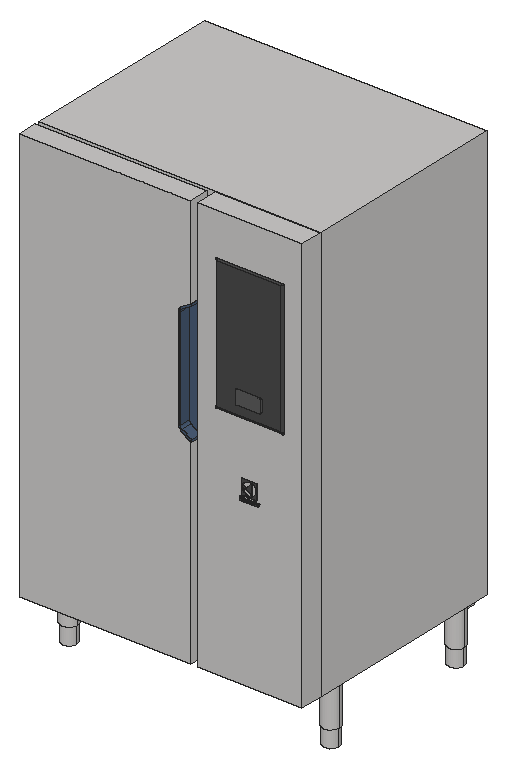
Revit family "QF_ELECTROLUXPROFESSIONAL_727743_EBFA21RE", category Specialty Equipment, Revit 2018
Family settings
  Round Connector Dimension = Use Diameter
  Part Type = Normal
  Work Plane-Based = No
  Always vertical = Yes
  Cut with Voids When Loaded = No
  Shared = No
  Room Calculation Point = No
Parameters
  Weight = 0.00 kg
  Watts = 0 W
  Volts = 380 V
  URL Manufacturer = "http://professional.electrolux.com"
  URL = "http://professional.electrolux.com"
  Steam Supply Size = 0 mm
  Steam Supply Minimum Pressure = 0.0 Pa
  Steam Supply Maximum Pressure = 0.0 Pa
  Steam Pounds per Hour = 0
  Show Logo [instance] = yes
  Show Clearance [instance] = yes
  Refrigeration Suction Line Size = 0 mm
  Refrigeration Liquid Line Size = 0 mm
  Refrigerant Compressor Remote = yes
  Manufacturer = "Electrolux"
  Phase = 3
  Model = "EBFA21RE"
  Length Actual = 1040 mm  # constant formula
  Item Number = "727743"
  Hot Water Size = 0 mm
  Height Actual = 1741 mm  # constant formula
  HP = "4 HP"
  Gas Size = 0 mm
  Gas KW = 0
  Gas Input Pressure = 0 W
  Direct Waste Size = 12.7 mm
  Description = "SKYLINE CHILLS BLAST CHILLER FREEZER 100/85KG 20 GN 1/1 - REMOTE REFRIGERATING UNIT"
  Depth Actual = 850 mm  # constant formula
  Cycle = 60 Hz
  Condensate Return Size = 0 mm
  Compressed Air Volume = 0.0 L/s
  Compressed Air Size = 0 mm
  Compressed Air Pressure = 0.0 Pa
  Cold Water Size = 0 mm
  Accessory = yes
Reference planes
  plane 1 "Center X": y = 129.851
  plane 2: z = 0
  plane 3 "Center Y": x = -384
  plane 4 "LEFT": x = -904
  plane 5 "BACK": y = 554.851
  plane 6 "RIGHT": x = 136
  plane 7 "FRONT": y = -295.149
  plane 8 "TOP": z = 1741
  plane 9: x = -866.5
  plane 10: y = 478.851
  plane 11: x = 98.5
  plane 12: y = -115.149
  plane 13: y = 616.851
  plane 14: y = -880.149
  plane 15: z = 210
  plane 16: x = -852
  plane 17: x = 84
  plane 18: z = 1174
Forms (mm)
  Extrusion 1, solid, material "QF_Finishes_Stainless Steel"
    sketch origin (0, 0, 1741) x (-1, 0, 0) y (0, -1, 0)
      loop
        line (904, -554.851) -> (904, 210.149) -> (-136, 210.149) -> (-136, -554.851) -> (904, -554.851)
    from 0 to -1531
  Extrusion 2, solid, material "QF_Finishes_Stainless Steel"
    sketch origin (-904, -0.954, 258.709) x (0, 1, 0) y (0, 0, 1)
      loop
        line (617.805, -10.759) -> (555.805, -10.759) -> (555.805, -142.72) -> (617.805, -142.72) -> (617.805, -10.759)
    from 572 to 941.96
  Extrusion 3, solid, material "QF_Finishes_Stainless Steel"
    sketch origin (-199.727, 554.851, 2076) x (1, 0, 0) y (0, 0, -1)
      loop
        circle (230.727, 1616) r 10.5
      loop
        circle (230.727, 1686) r 8
      loop
        circle (230.727, 1701) r 4.75
    from 0 to 90
  Extrusion 4, solid, material "QF_Finishes_Stainless Steel"
    sketch origin (0, 0, 210) x (0, -1, 0) y (-1, 0, 0)
      loop
        circle (-176.851, 270.5) r 9.5
    from 0 to 31.68
  Extrusion 5, solid, material "QF_Finishes_Stainless Steel"
    sketch origin (-642.679, -295.149, 0) x (1, 0, 0) y (0, 0, -1)
      loop
        line (369.7, -1741) -> (369.7, -1401.365) -> (333.447, -1377.283)
        arc (333.447, -1377.283) -> (327.216, -1370.436) -> (324.96, -1361.456) r 19
        line (324.96, -1361.456) -> (324.96, -986.544)
        arc (324.96, -986.544) -> (327.339, -977.083) -> (333.91, -969.873) r 20
        line (333.91, -969.873) -> (369.7, -946.15) -> (369.7, -210) -> (-261.321, -210) -> (-261.321, -1741) -> (369.7, -1741)
    from 0 to 70
  Extrusion 6, solid, material "QF_Finishes_Stainless Steel"
    sketch origin (-623, 0, 1060.038) x (1, 0, 0) y (0, 1, 0)
      loop
        line (759, -295.149) -> (759, -211.149) -> (372.993, -211.149) -> (372.993, -295.149) -> (759, -295.149)
    from 680.962 to -850.038
  Extrusion 7, solid, material "QF_Door-Drawer Clearances", visible <- "Show Clearance", detail levels coarse
    sketch origin (-623, 0, 1060.038) x (1, 0, 0) y (0, 1, 0)
      loop
        line (-246, -295.149) -> (-246, -877.649)
        arc (-246, -877.649) -> (165.972, -703.005) -> (350.021, -295.149) r 614
        line (350.021, -295.149) -> (-246, -295.149)
    from -850.038 to 680.962
  Extrusion 8, solid, material "QF_Finishes_Stainless Steel"
    sketch origin (-651.679, -235.149, 422.467) x (1, 0, 0) y (0, 0, -1)
      loop
        line (333.96, -564.076) -> (333.96, -938.989)
        arc (333.96, -938.989) -> (336.216, -947.969) -> (342.447, -954.816) r 19
        line (342.447, -954.816) -> (378.7, -978.898) -> (378.7, -523.683) -> (342.91, -547.406)
        arc (342.91, -547.406) -> (336.339, -554.616) -> (333.96, -564.076) r 20
    from -21 to 10
  Extrusion 9, solid, material "QF_Finishes_Electrolux_Blue"
    sketch origin (-651.679, -295.149, 422.467) x (-1, 0, 0) y (0, 0, -1)
      loop
        line (-378.7, -978.898) -> (-342.447, -954.816)
        arc (-342.447, -954.816) -> (-336.216, -947.969) -> (-333.96, -938.989) r 19
        line (-333.96, -938.989) -> (-333.96, -564.076)
        arc (-333.96, -564.076) -> (-336.339, -554.616) -> (-342.91, -547.406) r 20
        line (-342.91, -547.406) -> (-378.7, -523.683) -> (-381.2, -523.683) -> (-381.2, -529.824) -> (-346.501, -552.824)
        arc (-346.501, -552.824) -> (-342.066, -557.691) -> (-340.46, -564.076) r 13.5
        line (-340.46, -564.076) -> (-340.46, -938.989)
        arc (-340.46, -938.989) -> (-341.944, -944.897) -> (-346.043, -949.401) r 12.5
        line (-346.043, -949.401) -> (-381.2, -972.755) -> (-381.2, -978.898) -> (-378.7, -978.898)
    from -39 to 1
  Extrusion 10, void
    sketch origin (-904, -210.149, 1741) x (-1, 0, 0) y (0, 0, 1)
      loop
        line (-600.7, -65.802) -> (-600.7, -1517.802) -> (-46.5, -1517.802) -> (-46.5, -65.802) -> (-600.7, -65.802)
    from 0 to 704
  Extrusion 11, solid, material "QF_Door-Drawer Clearances", visible <- "Show Clearance", detail levels coarse
    sketch origin (-939, -461.949, 0) x (0, -1, 0) y (0, 0, -1)
      loop
        line (415.7, -1741) -> (415.7, -1401.365) -> (379.447, -1377.283)
        arc (379.447, -1377.283) -> (373.216, -1370.436) -> (370.96, -1361.456) r 19
        line (370.96, -1361.456) -> (370.96, -986.544)
        arc (370.96, -986.544) -> (373.339, -977.083) -> (379.91, -969.873) r 20
        line (379.91, -969.873) -> (415.7, -946.15) -> (415.7, -210) -> (-166.8, -210) -> (-166.8, -1741) -> (415.7, -1741)
    from 0 to 70
  Extrusion 12, solid, material "QF_Door-Drawer Clearances", visible <- "Show Clearance", detail levels coarse
    sketch origin (-879, -452.949, 422.467) x (0, -1, 0) y (0, 0, -1)
      loop
        line (379.96, -564.076) -> (379.96, -938.989)
        arc (379.96, -938.989) -> (382.216, -947.969) -> (388.447, -954.816) r 19
        line (388.447, -954.816) -> (424.7, -978.898) -> (424.7, -523.683) -> (388.91, -547.406)
        arc (388.91, -547.406) -> (382.339, -554.616) -> (379.96, -564.076) r 20
    from -21 to 10
  Extrusion 13, solid, material "QF_Door-Drawer Clearances", visible <- "Show Clearance", detail levels coarse
    sketch origin (-939, -452.949, 422.467) x (0, 1, 0) y (0, 0, -1)
      loop
        line (-424.7, -978.898) -> (-388.447, -954.816)
        arc (-388.447, -954.816) -> (-382.216, -947.969) -> (-379.96, -938.989) r 19
        line (-379.96, -938.989) -> (-379.96, -564.076)
        arc (-379.96, -564.076) -> (-382.339, -554.616) -> (-388.91, -547.406) r 20
        line (-388.91, -547.406) -> (-424.7, -523.683) -> (-427.2, -523.683) -> (-427.2, -529.824) -> (-392.501, -552.824)
        arc (-392.501, -552.824) -> (-388.066, -557.691) -> (-386.46, -564.076) r 13.5
        line (-386.46, -564.076) -> (-386.46, -938.989)
        arc (-386.46, -938.989) -> (-387.944, -944.897) -> (-392.043, -949.401) r 12.5
        line (-392.043, -949.401) -> (-427.2, -972.755) -> (-427.2, -978.898) -> (-424.7, -978.898)
    from -39 to 1
  Extrusion 14, solid, material "QF_Clearance", visible <- "Show Clearance", detail levels coarse
    sketch origin (-904, 909.851, 0) x (1, 0, 0) y (0, 1, 0)
      loop
        line (0, -1205) -> (0, -355) -> (1040, -355) -> (1040, -1205) -> (1140, -1205) -> (1140, -255) -> (-100, -255) -> (-100, -1205) -> (0, -1205)
    from 0 to 1841
  Extrusion 15, solid, material "QF_Clearance", visible <- "Show Clearance", detail levels coarse
    sketch origin (-1150.39, -1542.9, 1741) x (-1, 0, 0) y (0, -1, 0)
      loop
        line (-246.39, -1247.751) -> (-1286.39, -1247.751) -> (-1286.39, -2097.751) -> (-246.39, -2097.751) -> (-246.39, -1247.751)
    from 0 to 100
Cuts and joins
  Extrusion 10 cuts Extrusion 1
  Extrusion 10 cuts Extrusion 2
  Extrusion 10 cuts Extrusion 3
  Extrusion 10 cuts Extrusion 4
  joined: Extrusion 1, Extrusion 2, Extrusion 3, Extrusion 4
  joined: Extrusion 5, Extrusion 8
  joined: Extrusion 7, Extrusion 11, Extrusion 12, Extrusion 13
  joined: Extrusion 14, Extrusion 15
Lines and regions (mm)
  symbolic lines
    curve 1: line (-904, 554.851, 1741) -> (136, 554.851, 1741)
    curve 2: line (-904, -210.149, 1741) -> (-904, 554.851, 1741)
    curve 3: line (136, -295.149, 1741) -> (-250.007, -295.149, 1741)
    curve 4: line (136, 554.851, 1741) -> (136, -295.149, 1741)
    curve 5: line (61.997, -300.149, 1741) -> (-176.003, -300.149, 1741)
    curve 6: line (-176.003, -300.149, 1741) -> (-184.003, -295.149, 1741)
    curve 7: line (61.997, -300.149, 1741) -> (69.997, -295.149, 1741)
    curve 12: line (-250.007, -295.149, 0) -> (-250.007, -210.149, 0)
    curve 13: line (-250.007, -210.149, 0) -> (-904, -210.149, 0)
    curve 14: line (-904, -225.149, 0) -> (-272.979, -225.149, 0)
    curve 15: line (-904, -295.149, 0) -> (-904, -225.149, 0)
    curve 16: line (-272.979, -295.149, 0) -> (-904, -295.149, 0)
    curve 17: line (-272.979, -225.149, 0) -> (-272.979, -295.149, 0)
    curve 18: line (-317.719, -296.149, 0) -> (-270.479, -296.149, 0)
    curve 19: line (-270.479, -296.149, 0) -> (-270.479, -256.149, 0)
    curve 20: line (-270.479, -256.149, 0) -> (-272.979, -256.149, 0)
    curve 21: line (-317.719, -296.149, 0) -> (-317.719, -295.149, 0)
    curve 26: line (20.5, 644.851, 0) -> (41.5, 644.851, 0)
    curve 27: line (41.5, 644.851, 0) -> (41.5, 554.851, 0)
    curve 28: line (20.5, 644.851, 0) -> (20.5, 554.851, 0)
    curve 29: line (20.5, 616.851, 0) -> (-332, 616.851, 0)
    curve 30: line (-332, 616.851, 0) -> (-332, 554.851, 0)
  symbolic lines, style "QF_Door-Drawer Clearances", visible <- "Show Clearance"
    curve 8: arc (-272.979, -295.149, 1741) -> (-457.028, -703.005, 1741) -> (-869, -877.649, 1741) r 614
    curve 9: line (-939, -877.649, 1741) -> (-939, -295.149, 1741)
    curve 10: line (-869, -877.649, 1741) -> (-939, -877.649, 1741)
    curve 11: line (-869, -877.649, 1741) -> (-869, -295.149, 1741)
  symbolic lines, style "QF_Door-Drawer Clearances"
    curve 22: line (-869, -877.649, 0) -> (-939, -877.649, 0)
  symbolic lines, style "QF_Clearances", visible <- "Show Clearance", detail levels coarse
    curve 23: line (-1004, 654.851, 0) -> (-1004, -295.149, 0)
    curve 24: line (236, 654.851, 0) -> (-1004, 654.851, 0)
    curve 25: line (236, -295.149, 0) -> (236, 654.851, 0)
Dimensions and locks
  equal spacing: plane 4 "LEFT", plane 3 "Center Y", plane 6 "RIGHT"
  plane 4 "LEFT" to plane 6 "RIGHT" = 1040 mm
  plane 5 "BACK" to plane 7 "FRONT" = 850 mm
  equal spacing: plane 5 "BACK", plane 1 "Center X", plane 7 "FRONT"
  plane 15 to Extrusion 3 sketch curve = 250 mm
  plane 5 "BACK" to Extrusion 4 sketch curve = 378 mm
  plane 4 "LEFT" to Extrusion 4 sketch curve = 633.5 mm
  plane 6 "RIGHT" to Extrusion 3 sketch curve = 105 mm
  plane 8 "TOP" to level = 1741 mm
  Extrusion 3 sketch curve to Extrusion 6 = 165 mm
  Extrusion 3 sketch curve to Extrusion 6 = 180 mm
  aligned and locked: level to plane 2
  aligned and locked: plane 11 to nested 2
  aligned and locked: plane 9 to nested 1
  aligned and locked: nested 1 to plane 12
  aligned and locked: nested 2 to plane 12
  aligned and locked: Extrusion 9 to Extrusion 8
  aligned and locked: nested 4 to plane 10
  aligned and locked: nested 3 to plane 10
  aligned and locked: Extrusion 13 to Extrusion 12
Automatic sketch dimensions
  Extrusion 5 sketch curve to plane 4 "LEFT" = 0 mm
  Extrusion 5 sketch curve to plane 15 = 0 mm
  Extrusion 5 sketch curve to plane 8 "TOP" = 0 mm
  plane 3 "Center Y" to Extrusion 5 sketch curve = 66.281 mm
  Extrusion 5 sketch curve to Extrusion 5 sketch curve = 8.487 mm
  Extrusion 5 sketch curve to Extrusion 5 sketch curve = 8.95 mm
  Extrusion 5 sketch curve to Extrusion 5 sketch curve = 19 mm
  Extrusion 5 sketch curve to Extrusion 5 sketch curve = 11.05 mm
  Extrusion 5 sketch curve to Extrusion 5 sketch curve = 35.79 mm
  Extrusion 5 sketch curve to Extrusion 5 sketch curve = 36.253 mm
  plane 18 to Extrusion 5 sketch curve = 227.365 mm
  Extrusion 5 sketch curve to Extrusion 5 sketch curve = 24.082 mm
  Extrusion 5 sketch curve to plane 18 = 187.456 mm
  Extrusion 5 sketch curve to Extrusion 5 sketch curve = 23.723 mm
  plane 3 "Center Y" to Extrusion 8 sketch curve = 66.281 mm
  Extrusion 8 sketch curve to Extrusion 8 sketch curve = 8.487 mm
  Extrusion 8 sketch curve to Extrusion 8 sketch curve = 8.95 mm
  Extrusion 8 sketch curve to Extrusion 8 sketch curve = 10.513 mm
  Extrusion 8 sketch curve to Extrusion 8 sketch curve = 11.05 mm
  plane 18 to Extrusion 8 sketch curve = 203.283 mm
  Extrusion 8 sketch curve to plane 18 = 187.456 mm
  Extrusion 8 sketch curve to Extrusion 8 sketch curve = 36.253 mm
  Extrusion 8 sketch curve to Extrusion 8 sketch curve = 35.79 mm
  Extrusion 8 sketch curve to Extrusion 8 sketch curve = 0 mm  (x3)
  Extrusion 8 sketch curve to Extrusion 8 sketch curve = 24.082 mm
  Extrusion 8 sketch curve to Extrusion 8 sketch curve = 23.723 mm
  Extrusion 9 sketch curve to Extrusion 9 sketch curve = 0 mm  (x4)
  plane 3 "Center Y" to Extrusion 9 sketch curve = 113.521 mm  (x2)
  Extrusion 9 sketch curve to Extrusion 9 sketch curve = 2.5 mm  (x2)
  Extrusion 9 sketch curve to Extrusion 9 sketch curve = 27.24 mm
  Extrusion 9 sketch curve to Extrusion 9 sketch curve = 28.24 mm
  Extrusion 9 sketch curve to Extrusion 9 sketch curve = 7.459 mm
  Extrusion 9 sketch curve to Extrusion 9 sketch curve = 6.917 mm
  Extrusion 9 sketch curve to Extrusion 9 sketch curve = 3.591 mm
  Extrusion 9 sketch curve to Extrusion 9 sketch curve = 3.597 mm
  Extrusion 9 sketch curve to Extrusion 9 sketch curve = 5.583 mm
  Extrusion 9 sketch curve to Extrusion 9 sketch curve = 6.5 mm
  plane 18 to Extrusion 9 sketch curve = 227.365 mm
  Extrusion 9 sketch curve to Extrusion 9 sketch curve = 6.143 mm
  Extrusion 9 sketch curve to Extrusion 9 sketch curve = 17.939 mm
  Extrusion 9 sketch curve to plane 18 = 187.456 mm
  Extrusion 9 sketch curve to Extrusion 9 sketch curve = 23 mm
  Extrusion 9 sketch curve to Extrusion 9 sketch curve = 6.141 mm
  Extrusion 10 sketch curve to Extrusion 1 = 13.198 mm
  Extrusion 1 to Extrusion 10 sketch curve = 439.3 mm
  Extrusion 10 sketch curve to Extrusion 1 = 46.5 mm
  Extrusion 10 sketch curve to Extrusion 1 = 65.802 mm
  Extrusion 11 sketch curve to plane 8 "TOP" = 0 mm
  Extrusion 11 sketch curve to plane 15 = 0 mm
  plane 7 "FRONT" to Extrusion 11 sketch curve = 0 mm
  plane 14 to Extrusion 11 sketch curve = 47.24 mm
  plane 18 to Extrusion 11 sketch curve = 203.283 mm
  Extrusion 11 sketch curve to Extrusion 11 sketch curve = 8.487 mm
  Extrusion 11 sketch curve to plane 18 = 204.127 mm
  Extrusion 11 sketch curve to Extrusion 11 sketch curve = 8.95 mm
  Extrusion 11 sketch curve to Extrusion 11 sketch curve = 19 mm
  Extrusion 11 sketch curve to Extrusion 11 sketch curve = 11.05 mm
  Extrusion 11 sketch curve to Extrusion 11 sketch curve = 35.79 mm
  Extrusion 11 sketch curve to Extrusion 11 sketch curve = 36.253 mm
  Extrusion 11 sketch curve to Extrusion 11 sketch curve = 24.082 mm
  Extrusion 11 sketch curve to Extrusion 11 sketch curve = 23.723 mm
  plane 14 to Extrusion 12 sketch curve = 47.24 mm
  Extrusion 12 sketch curve to Extrusion 12 sketch curve = 8.487 mm
  Extrusion 12 sketch curve to Extrusion 12 sketch curve = 8.95 mm
  Extrusion 12 sketch curve to Extrusion 12 sketch curve = 19 mm
  Extrusion 12 sketch curve to Extrusion 12 sketch curve = 11.05 mm
  plane 18 to Extrusion 12 sketch curve = 203.283 mm
  Extrusion 12 sketch curve to plane 18 = 187.456 mm
  Extrusion 12 sketch curve to Extrusion 12 sketch curve = 36.253 mm
  Extrusion 12 sketch curve to Extrusion 12 sketch curve = 35.79 mm
  Extrusion 12 sketch curve to Extrusion 12 sketch curve = 0 mm  (x3)
  Extrusion 12 sketch curve to Extrusion 12 sketch curve = 24.082 mm
  Extrusion 12 sketch curve to Extrusion 12 sketch curve = 23.723 mm
  Extrusion 13 sketch curve to Extrusion 13 sketch curve = 0 mm  (x4)
  Extrusion 13 sketch curve to plane 14 = 0 mm  (x2)
  Extrusion 13 sketch curve to Extrusion 13 sketch curve = 2.5 mm  (x2)
  Extrusion 13 sketch curve to Extrusion 13 sketch curve = 27.24 mm
  Extrusion 13 sketch curve to Extrusion 13 sketch curve = 28.24 mm
  Extrusion 13 sketch curve to Extrusion 13 sketch curve = 7.459 mm
  Extrusion 13 sketch curve to Extrusion 13 sketch curve = 6.917 mm
  Extrusion 13 sketch curve to Extrusion 13 sketch curve = 3.591 mm
  Extrusion 13 sketch curve to Extrusion 13 sketch curve = 3.597 mm
  Extrusion 13 sketch curve to Extrusion 13 sketch curve = 5.583 mm
  Extrusion 13 sketch curve to Extrusion 13 sketch curve = 6.5 mm
  plane 18 to Extrusion 13 sketch curve = 227.365 mm
  Extrusion 13 sketch curve to Extrusion 13 sketch curve = 6.143 mm
  Extrusion 13 sketch curve to Extrusion 13 sketch curve = 17.939 mm
  Extrusion 13 sketch curve to plane 18 = 187.456 mm
  Extrusion 13 sketch curve to Extrusion 13 sketch curve = 23 mm
  Extrusion 13 sketch curve to Extrusion 13 sketch curve = 6.141 mm
  Extrusion 7 sketch curve to plane 7 "FRONT" = 0 mm
  plane 4 "LEFT" to Extrusion 7 sketch curve = 17.818 mm
  Extrusion 7 sketch curve to plane 9 = 2.5 mm
  plane 3 "Center Y" to Extrusion 7 sketch curve = 111.021 mm
  plane 14 to Extrusion 7 sketch curve = 2.5 mm
  Extrusion 1 sketch curve to plane 5 "BACK" = 0 mm
  Extrusion 1 sketch curve to plane 6 "RIGHT" = 0 mm
  Extrusion 1 sketch curve to plane 4 "LEFT" = 0 mm
  plane 7 "FRONT" to Extrusion 1 sketch curve = 85 mm
  Extrusion 6 sketch curve to plane 7 "FRONT" = 0 mm
  Extrusion 6 sketch curve to plane 6 "RIGHT" = 0 mm
  plane 3 "Center Y" to Extrusion 6 sketch curve = 133.993 mm
  Extrusion 6 sketch curve to Extrusion 6 sketch curve = 84 mm
  Extrusion 2 sketch curve to plane 5 "BACK" = 0 mm
  Extrusion 2 sketch curve to plane 13 = 0 mm
  Extrusion 2 sketch curve to plane 15 = 94.012 mm
  plane 15 to Extrusion 2 sketch curve = 37.95 mm
  Extrusion 3 sketch curve to Extrusion 3 sketch curve = 0 mm  (x2)
  Extrusion 14 sketch curve to plane 7 "FRONT" = 0 mm  (x2)
  Extrusion 14 sketch curve to plane 6 "RIGHT" = 1140 mm
  Extrusion 14 sketch curve to Extrusion 14 sketch curve = 100 mm  (x3)
  Extrusion 14 sketch curve to plane 13 = 62 mm
  Extrusion 14 sketch curve to Extrusion 14 sketch curve = 1040 mm
  Extrusion 15 sketch curve to plane 6 "RIGHT" = 0 mm
  Extrusion 15 sketch curve to plane 4 "LEFT" = 0 mm
  Extrusion 15 sketch curve to plane 5 "BACK" = 0 mm
  Extrusion 15 sketch curve to plane 7 "FRONT" = 0 mm
  curve 23 to plane 7 "FRONT" = 0 mm
  curve 15 to plane 4 "LEFT" = 0 mm
  curve 13 to plane 4 "LEFT" = 0 mm
  curve 30 to plane 5 "BACK" = 0 mm
  curve 29 to plane 13 = 0 mm
  curve 21 to plane 7 "FRONT" = 0 mm
  curve 12 to plane 7 "FRONT" = 0 mm
  curve 28 to plane 5 "BACK" = 0 mm
  curve 27 to plane 5 "BACK" = 0 mm
  curve 25 to plane 7 "FRONT" = 0 mm
  plane 13 to curve 24 = 38 mm
  curve 24 to plane 4 "LEFT" = 100 mm
  curve 18 to plane 7 "FRONT" = 1 mm
  plane 3 "Center Y" to curve 18 = 66.281 mm
  curve 21 to curve 17 = 44.74 mm
  curve 16 to curve 19 = 2.5 mm
  curve 14 to curve 12 = 22.972 mm
  plane 13 to curve 26 = 28 mm
  curve 26 to plane 17 = 63.5 mm
  curve 26 to curve 27 = 21 mm
  plane 6 "RIGHT" to curve 24 = 100 mm
  plane 7 "FRONT" to curve 19 = 39 mm
  plane 7 "FRONT" to curve 15 = 70 mm
  curve 14 to curve 12 = 15 mm
  plane 14 to curve 22 = 2.5 mm
  curve 22 to plane 4 "LEFT" = 35 mm
  curve 22 to plane 9 = 2.5 mm
  plane 3 "Center Y" to curve 30 = 52 mm
  curve 1 to plane 5 "BACK" = 0 mm
  curve 1 to plane 6 "RIGHT" = 0 mm
  curve 7 to plane 7 "FRONT" = 0 mm
  curve 8 to plane 7 "FRONT" = 0 mm
  curve 11 to plane 7 "FRONT" = 0 mm
  curve 2 to plane 4 "LEFT" = 0 mm
  curve 9 to plane 7 "FRONT" = 0 mm
  curve 7 to plane 7 "FRONT" = 5 mm
  curve 7 to plane 17 = 22.003 mm
  plane 3 "Center Y" to curve 6 = 207.997 mm
  curve 11 to plane 9 = 2.5 mm
  plane 4 "LEFT" to curve 8 = 17.818 mm
  plane 14 to curve 10 = 2.5 mm
  curve 10 to plane 4 "LEFT" = 35 mm
  plane 7 "FRONT" to curve 8 = 31.26 mm
  curve 7 to curve 5 = 8 mm
  curve 5 to curve 6 = 8 mm
  curve 3 to curve 8 = 22.972 mm
  curve 2 to curve 8 = 53.74 mm
  radius of Extrusion 4 sketch curve = 9.5 mm
  radius of Extrusion 3 sketch curve = 10.5 mm
  radius of Extrusion 3 sketch curve = 8 mm
  radius of Extrusion 3 sketch curve = 4.75 mm
Nested families
  nested 1: "Foot_Complete" at (-866.5, -115.149, 0), type "Foot_Complete"
    with H 210 mm
  nested 2: "Foot_Complete" at (98.5, -115.149, 0), type "Foot_Complete"
    with H 210 mm
  nested 3: "Foot_Complete" at (84, 478.851, 0), type "Foot_Complete"
    with H 210 mm
  nested 4: "Foot_Complete" at (-852, 478.851, 0), type "Foot_Complete"
    with H 210 mm
  nested 5: "ELX_Touch" at (-57.003, -295.149, 1337) x (-1, 0, 0) z (0, -1, 0), type "ELX_Touch"
  nested 6: "ELX_Logo_S_New" at (-57.003, -295.149, 824) x (1, 0, 0) z (0, -1, 0), visible <- "Show Logo", type "ELX_Logo_S_New"
    with M QF_Finishes_Black
  nested 7: "ELX_Logo_Symbol" at (-57.003, -295.149, 864) x (-1, 0, 0) z (0, -1, 0), visible <- "Show Logo", type "ELX_Logo_Symbol"
    with M QF_Finishes_Black
Connectors
  electrical at (31, 644.851, 460), driven by "Volts"
    settings: on Extrusion 3, index 5, voltage 380 V, apparent load 0 VA, apparent load phase1 0 VA, apparent load phase2 0 VA, apparent load phase3 0 VA, power factor 1, load classification "Altro", number of poles 1, system type 30, power factor state 1, is connector primary yes, connector utility no, sub classification motor no, connector description "Electrical Connection"
  piping at (-270.5, 176.851, 178.32), diameter 19
    settings: on cut or joined group of Extrusion 1, Extrusion 2, Extrusion 3, Extrusion 4, Extrusion 10, index 6, connector inside diameter 609.6 mm, connector length 0 mm, flow factor 0, pipe flow 0.0 L/s, pressure drop 0.0 Pa, fitting loss kfactor 0, connector angle 0.00°, fixture units 0, engagement length 0 mm, angle of deflection 0.00°, flow configuration 1, flow direction 2, fitting loss method 0, system type 16, joint type 0, gender type 0, connector reference index -1, connector utility 0, adjustable connector no, is connector primary yes, connector description "Drain"
  piping at (31, 644.851, 390), diameter 16
    settings: on cut or joined group of Extrusion 1, Extrusion 2, Extrusion 3, Extrusion 4, Extrusion 10, index 7, connector inside diameter 609.6 mm, connector length 0 mm, flow factor 0, pipe flow 0.0 L/s, pressure drop 0.0 Pa, fitting loss kfactor 0, connector angle 0.00°, fixture units 0, engagement length 0 mm, angle of deflection 0.00°, flow configuration 1, flow direction 1, fitting loss method 0, system type 8, joint type 0, gender type 0, connector reference index -1, connector utility 0, adjustable connector no, is connector primary no, connector description "Refrigerant Outlet"
  piping at (31, 644.851, 375), diameter 9.5
    settings: on cut or joined group of Extrusion 1, Extrusion 2, Extrusion 3, Extrusion 4, Extrusion 10, index 8, connector inside diameter 609.6 mm, connector length 0 mm, flow factor 0, pipe flow 0.0 L/s, pressure drop 0.0 Pa, fitting loss kfactor 0, connector angle 0.00°, fixture units 0, engagement length 0 mm, angle of deflection 0.00°, flow configuration 0, flow direction 0, fitting loss method 0, system type 7, joint type 0, gender type 0, connector reference index -1, connector utility 0, adjustable connector no, is connector primary no, connector description "Refrigerant Inlet"
Definition of nested family "Foot_Complete"
  Parameters
    R = 32 mm
    H = 150 mm
  Reference planes
    plane 1 "Centro (Fronte/Retro)": y = 0
    plane 2: z = 0
    plane 3 "Centro (Sinistra/Destra)": x = 0
    plane 4: z = 150
  Forms (mm)
    Revolve 1, solid
      sketch origin (255.05, 0, 608.09) x (0, 0, 1) y (-1, 0, 0)
        loop
          line (-608.09, 255.05) -> (-608.09, 226.55) -> (-544.09, 226.55) -> (-544.09, 223.05) -> (-458.09, 223.05) -> (-458.09, 255.05) -> (-608.09, 255.05)
        axis (-608.09, 255.05) -> (-458.09, 255.05)
      angle from 0 to 360
  Dimensions and locks
    locked: level to Revolve 1 sketch curve at 64
    "R": Revolve 1 sketch curve to plane 3 "Centro (Sinistra/Destra)"
    "H": plane 4 to level
    aligned and locked: level to plane 2
    aligned and locked: plane 4 to Revolve 1 sketch curve
    aligned and locked: Revolve 1 sketch curve to level
    aligned and locked: plane 3 "Centro (Sinistra/Destra)" to Revolve 1 sketch curve
  Automatic sketch dimensions
    Revolve 1 sketch curve to plane 3 "Centro (Sinistra/Destra)" = 0 mm
    plane 3 "Centro (Sinistra/Destra)" to Revolve 1 sketch curve = 28.5 mm
    Revolve 1 sketch curve to Revolve 1 sketch curve = 50 mm
    Revolve 1 sketch curve to Revolve 1 sketch curve = 20 mm
Definition of nested family "ELX_Touch"
  Parameters
    Default Elevation = 1219.2 mm
  Reference planes
    plane 1 "Centro (Fronte/Retro)": y = 0
    plane 2: z = 0
    plane 3 "Centro (Sinistra/Destra)": x = 0
  Forms (mm)
    Extrusion 1, solid
      sketch origin (0, 0, 0) x (1, 0, 0) y (0, 1, 0)
        loop
          line (-1219.2, 1219.2) -> (-1219.2, -1219.2) -> (1219.2, -1219.2) -> (1219.2, 1219.2) -> (-1219.2, 1219.2)
      from 0 to -304.8
    Extrusion 2, solid
      sketch origin (0, 0, 5) x (1, 0, 0) y (0, 1, 0)
        loop
          line (-47, -160) -> (-47, -202)
          arc (-47, -202) -> (-45.536, -205.535) -> (-42, -207) r 5
          line (-42, -207) -> (42, -207)
          arc (42, -207) -> (45.536, -205.535) -> (47, -202) r 5
          line (47, -202) -> (47, -160)
          arc (47, -160) -> (45.536, -156.465) -> (42, -155) r 5
          line (42, -155) -> (-42, -155)
          arc (-42, -155) -> (-45.536, -156.465) -> (-47, -160) r 5
      from 0 to 2
    Blend 3, solid
      base sketch origin (0, 0, 0) x (1, 0, 0) y (0, 1, 0)
        loop
          line (-127, 244) -> (-127, -244)
          arc (-127, -244) -> (-125.536, -247.536) -> (-122, -249) r 5
          line (-122, -249) -> (122, -249)
          arc (122, -249) -> (125.536, -247.536) -> (127, -244) r 5
          line (127, -244) -> (127, 244)
          arc (127, 244) -> (125.536, 247.536) -> (122, 249) r 5
          line (122, 249) -> (-122, 249)
          arc (-122, 249) -> (-125.536, 247.536) -> (-127, 244) r 5
      top sketch origin (0, 0, 0) x (1, 0, 0) y (0, 1, 0)
        loop
          line (-119, -241) -> (119, -241) -> (119, 241) -> (-119, 241) -> (-119, -241)
      from 0 to 5
  Lines and regions (mm)
    Split face 1
      outline origin (0, 0, 5) x (1, 0, 0) y (0, 1, 0)
        loop
          line (-70.506, 46.167) -> (70.506, 46.167) -> (70.506, 214.829) -> (-70.506, 214.829) -> (-70.506, 46.167)
    Split face 2
      outline origin (0, 0, 5) x (1, 0, 0) y (0, 1, 0)
        loop
          line (-47.467, 50.825) -> (47.467, 50.825) -> (47.467, 210.171) -> (-47.467, 210.171) -> (-47.467, 50.825)
    Split face 3
      outline origin (0, 0, 5) x (1, 0, 0) y (0, 1, 0)
        loop
          line (-70.521, -215.33) -> (70.521, -215.33) -> (70.521, -146.67) -> (-70.521, -146.67) -> (-70.521, -215.33)
    Split face 4
      outline origin (0, 0, 5) x (1, 0, 0) y (0, 1, 0)
        loop
          line (-119, 201.163) -> (-70.506, 201.163)
        loop
          line (70.506, 201.163) -> (119, 201.163)
        loop
          line (70.521, -200.849) -> (119, -200.849)
        loop
          line (-119, -200.849) -> (-70.521, -200.849)
  Dimensions and locks
    aligned and locked: plane 2 to Extrusion 1
    aligned and locked: level to Extrusion 1
Definition of nested family "ELX_Logo_S_New"
  Parameters
    Default Elevation = 0 mm
    M [instance] = none
  Reference planes
    plane 1 "Centro (Fronte/Retro)": y = 0
    plane 2: z = 0
    plane 3 "Centro (Sinistra/Destra)": x = 0
  Forms (mm)
    Extrusion 1, solid
      sketch origin (0, 0, 0) x (1, 0, 0) y (0, 1, 0)
        loop
          line (-1219.2, 1219.2) -> (-1219.2, -1219.2) -> (1219.2, -1219.2) -> (1219.2, 1219.2) -> (-1219.2, 1219.2)
      from 0 to -304.8
    Extrusion 2, solid, material <- "M"
      sketch origin (0, 0, 0) x (1, 0, 0) y (0, 1, 0)
        loop
          spline (-32.537, -4.135) -> (-32.702, -4.128) -> (-32.877, -4.105) -> (-33.059, -4.064) -> (-33.242, -4.002) -> (-33.422, -3.916) -> (-33.593, -3.803) -> (-33.751, -3.66) -> (-33.891, -3.486) -> (-34.008, -3.276) -> (-34.098, -3.029) -> (-34.155, -2.741) -> (-34.176, -2.41)
          line (-34.176, -2.41) -> (-34.176, -0.943) -> (-29.331, -0.943) -> (-29.331, 0.928) -> (-34.176, 0.928) -> (-34.176, 3.652) -> (-29.023, 3.652) -> (-29.023, 5.518) -> (-36.159, 5.518) -> (-36.159, -2.326)
          spline (-36.159, -2.326) -> (-36.142, -2.808) -> (-36.088, -3.263) -> (-35.996, -3.688) -> (-35.867, -4.083) -> (-35.698, -4.445) -> (-35.489, -4.773) -> (-35.239, -5.066) -> (-34.946, -5.322) -> (-34.61, -5.539) -> (-34.23, -5.716) -> (-33.804, -5.851) -> (-33.332, -5.943)
          line (-33.332, -5.943) -> (-32.554, -5.999) -> (-28.885, -5.999) -> (-28.885, -4.135) -> (-32.537, -4.135)
        loop
          line (-27.476, 0.076) -> (-27.476, -6.002) -> (-25.492, -6.002) -> (-25.492, 5.521) -> (-27.476, 5.521) -> (-27.476, 0.076)
        loop
          spline (-15.702, -2.321) -> (-15.689, -1.697) -> (-15.749, -1.094) -> (-15.879, -0.516) -> (-16.078, 0.029) -> (-16.341, 0.538) -> (-16.668, 1.004) -> (-17.055, 1.422) -> (-17.5, 1.786) -> (-17.999, 2.091) -> (-18.552, 2.331) -> (-19.154, 2.5) -> (-19.804, 2.594)
          spline (-19.804, 2.594) -> (-20.422, 2.558) -> (-21.009, 2.453) -> (-21.56, 2.28) -> (-22.072, 2.042) -> (-22.54, 1.743) -> (-22.96, 1.385) -> (-23.327, 0.97) -> (-23.638, 0.502) -> (-23.887, -0.018) -> (-24.07, -0.586) -> (-24.183, -1.2) -> (-24.222, -1.857)
          spline (-24.222, -1.857) -> (-24.184, -2.498) -> (-24.074, -3.097) -> (-23.895, -3.652) -> (-23.651, -4.16) -> (-23.344, -4.618) -> (-22.979, -5.023) -> (-22.559, -5.374) -> (-22.087, -5.667) -> (-21.567, -5.899) -> (-21.003, -6.068) -> (-20.397, -6.172) -> (-19.754, -6.207)
          spline (-19.754, -6.207) -> (-19.44, -6.2) -> (-19.13, -6.176) -> (-18.823, -6.135) -> (-18.52, -6.074) -> (-18.221, -5.993) -> (-17.925, -5.89) -> (-17.634, -5.762) -> (-17.346, -5.609) -> (-17.062, -5.43) -> (-16.782, -5.221) -> (-16.506, -4.983) -> (-16.234, -4.713)
          line (-16.234, -4.713) -> (-17.429, -3.55)
          spline (-17.429, -3.55) -> (-17.587, -3.702) -> (-17.745, -3.841) -> (-17.906, -3.967) -> (-18.07, -4.08) -> (-18.239, -4.181) -> (-18.415, -4.268) -> (-18.599, -4.343) -> (-18.792, -4.404) -> (-18.996, -4.452) -> (-19.213, -4.486) -> (-19.443, -4.506) -> (-19.688, -4.513)
          spline (-19.688, -4.513) -> (-20.047, -4.496) -> (-20.383, -4.443) -> (-20.696, -4.358) -> (-20.984, -4.24) -> (-21.246, -4.092) -> (-21.479, -3.915) -> (-21.683, -3.711) -> (-21.856, -3.48) -> (-21.997, -3.224) -> (-22.104, -2.945) -> (-22.176, -2.643) -> (-22.212, -2.321)
          line (-22.212, -2.321) -> (-15.702, -2.321)
        loop
          spline (-17.695, -0.926) -> (-17.714, -0.681) -> (-17.771, -0.445) -> (-17.861, -0.221) -> (-17.984, -0.01) -> (-18.135, 0.184) -> (-18.314, 0.36) -> (-18.516, 0.516) -> (-18.741, 0.648) -> (-18.984, 0.755) -> (-19.244, 0.834) -> (-19.518, 0.883) -> (-19.804, 0.9)
          spline (-19.804, 0.9) -> (-20.11, 0.884) -> (-20.405, 0.835) -> (-20.686, 0.757) -> (-20.95, 0.652) -> (-21.195, 0.521) -> (-21.419, 0.367) -> (-21.618, 0.192) -> (-21.79, -0.003) -> (-21.934, -0.214) -> (-22.045, -0.439) -> (-22.122, -0.678) -> (-22.162, -0.926)
          line (-22.162, -0.926) -> (-17.695, -0.926)
        loop
          spline (-12.669, -1.807) -> (-12.646, -1.438) -> (-12.58, -1.088) -> (-12.472, -0.759) -> (-12.326, -0.455) -> (-12.145, -0.177) -> (-11.93, 0.072) -> (-11.685, 0.289) -> (-11.412, 0.473) -> (-11.114, 0.62) -> (-10.793, 0.728) -> (-10.453, 0.794) -> (-10.095, 0.817)
          spline (-10.095, 0.817) -> (-9.876, 0.81) -> (-9.665, 0.79) -> (-9.464, 0.756) -> (-9.271, 0.709) -> (-9.086, 0.65) -> (-8.908, 0.578) -> (-8.737, 0.495) -> (-8.572, 0.399) -> (-8.414, 0.292) -> (-8.261, 0.173) -> (-8.113, 0.044) -> (-7.969, -0.096)
          line (-7.969, -0.096) -> (-6.741, 1.183)
          spline (-6.741, 1.183) -> (-6.985, 1.427) -> (-7.237, 1.647) -> (-7.496, 1.843) -> (-7.762, 2.015) -> (-8.034, 2.164) -> (-8.312, 2.291) -> (-8.596, 2.397) -> (-8.886, 2.482) -> (-9.181, 2.546) -> (-9.481, 2.592) -> (-9.786, 2.619) -> (-10.095, 2.627)
          spline (-10.095, 2.627) -> (-10.715, 2.589) -> (-11.308, 2.476) -> (-11.871, 2.294) -> (-12.396, 2.046) -> (-12.88, 1.736) -> (-13.316, 1.369) -> (-13.7, 0.949) -> (-14.026, 0.48) -> (-14.289, -0.035) -> (-14.483, -0.59) -> (-14.604, -1.182) -> (-14.645, -1.807)
          spline (-14.645, -1.807) -> (-14.604, -2.431) -> (-14.483, -3.023) -> (-14.289, -3.578) -> (-14.026, -4.093) -> (-13.7, -4.562) -> (-13.316, -4.983) -> (-12.88, -5.35) -> (-12.396, -5.659) -> (-11.871, -5.907) -> (-11.308, -6.09) -> (-10.715, -6.202) -> (-10.095, -6.24)
          spline (-10.095, -6.24) -> (-9.786, -6.232) -> (-9.481, -6.205) -> (-9.181, -6.16) -> (-8.886, -6.095) -> (-8.596, -6.01) -> (-8.312, -5.904) -> (-8.034, -5.777) -> (-7.762, -5.628) -> (-7.496, -5.456) -> (-7.237, -5.26) -> (-6.985, -5.04) -> (-6.741, -4.796)
          line (-6.741, -4.796) -> (-7.969, -3.517)
          spline (-7.969, -3.517) -> (-8.113, -3.657) -> (-8.261, -3.786) -> (-8.414, -3.905) -> (-8.572, -4.012) -> (-8.737, -4.108) -> (-8.908, -4.192) -> (-9.086, -4.263) -> (-9.271, -4.323) -> (-9.464, -4.369) -> (-9.665, -4.403) -> (-9.876, -4.423) -> (-10.095, -4.43)
          spline (-10.095, -4.43) -> (-10.453, -4.408) -> (-10.793, -4.341) -> (-11.114, -4.233) -> (-11.412, -4.086) -> (-11.685, -3.902) -> (-11.93, -3.685) -> (-12.145, -3.436) -> (-12.326, -3.158) -> (-12.472, -2.854) -> (-12.58, -2.526) -> (-12.646, -2.176) -> (-12.669, -1.807)
        loop
          spline (-1.683, -4.138) -> (-1.858, -4.14) -> (-2.045, -4.127) -> (-2.24, -4.095) -> (-2.438, -4.04) -> (-2.633, -3.959) -> (-2.822, -3.85) -> (-2.998, -3.709) -> (-3.157, -3.533) -> (-3.294, -3.318) -> (-3.404, -3.061) -> (-3.483, -2.76) -> (-3.524, -2.411)
          line (-3.524, -2.411) -> (-3.524, 0.529) -> (-1.72, 0.529) -> (-1.72, 2.331) -> (-3.522, 2.331) -> (-3.522, 5.521) -> (-5.506, 5.521) -> (-5.506, -2.523)
          spline (-5.506, -2.523) -> (-5.463, -2.99) -> (-5.386, -3.429) -> (-5.274, -3.839) -> (-5.126, -4.218) -> (-4.941, -4.564) -> (-4.717, -4.877) -> (-4.455, -5.155) -> (-4.153, -5.396) -> (-3.81, -5.599) -> (-3.425, -5.762) -> (-2.998, -5.884) -> (-2.528, -5.964)
          line (-2.528, -5.964) -> (-1.69, -6.002) -> (-1.683, -4.138)
        loop
          spline (4.991, 2.446) -> (4.648, 2.468) -> (4.318, 2.461) -> (4.001, 2.429) -> (3.699, 2.371) -> (3.413, 2.288) -> (3.142, 2.182) -> (2.89, 2.052) -> (2.655, 1.901) -> (2.439, 1.728) -> (2.244, 1.535) -> (2.069, 1.322) -> (1.917, 1.091)
          line (1.917, 1.091) -> (1.917, 2.33) -> (-0.051, 2.33) -> (-0.051, -6.002) -> (1.917, -6.002) -> (1.917, -1.621)
          spline (1.917, -1.621) -> (1.935, -1.288) -> (1.988, -0.979) -> (2.075, -0.693) -> (2.195, -0.432) -> (2.345, -0.197) -> (2.526, 0.01) -> (2.736, 0.189) -> (2.972, 0.338) -> (3.235, 0.456) -> (3.522, 0.541) -> (3.832, 0.594) -> (4.165, 0.611)
          line (4.165, 0.611) -> (4.991, 0.529) -> (4.991, 2.446)
        loop
          spline (14.388, -1.836) -> (14.347, -1.224) -> (14.226, -0.642) -> (14.031, -0.093) -> (13.768, 0.418) -> (13.441, 0.887) -> (13.057, 1.308) -> (12.621, 1.677) -> (12.137, 1.989) -> (11.612, 2.24) -> (11.051, 2.425) -> (10.459, 2.539) -> (9.842, 2.578)
          spline (9.842, 2.578) -> (9.221, 2.539) -> (8.627, 2.425) -> (8.064, 2.24) -> (7.539, 1.989) -> (7.056, 1.677) -> (6.62, 1.308) -> (6.237, 0.887) -> (5.912, 0.418) -> (5.65, -0.093) -> (5.456, -0.642) -> (5.336, -1.224) -> (5.295, -1.836)
          spline (5.295, -1.836) -> (5.336, -2.447) -> (5.456, -3.029) -> (5.65, -3.578) -> (5.912, -4.089) -> (6.237, -4.558) -> (6.62, -4.979) -> (7.056, -5.348) -> (7.539, -5.66) -> (8.064, -5.911) -> (8.627, -6.096) -> (9.221, -6.211) -> (9.842, -6.25)
          spline (9.842, -6.25) -> (10.459, -6.211) -> (11.051, -6.096) -> (11.612, -5.911) -> (12.137, -5.66) -> (12.621, -5.348) -> (13.057, -4.979) -> (13.441, -4.558) -> (13.768, -4.089) -> (14.031, -3.578) -> (14.226, -3.029) -> (14.347, -2.447) -> (14.388, -1.836)
        loop
          spline (12.42, -1.836) -> (12.397, -1.475) -> (12.33, -1.131) -> (12.222, -0.807) -> (12.075, -0.504) -> (11.893, -0.227) -> (11.677, 0.022) -> (11.431, 0.241) -> (11.157, 0.426) -> (10.859, 0.575) -> (10.538, 0.685) -> (10.198, 0.753) -> (9.842, 0.777)
          spline (9.842, 0.777) -> (9.482, 0.753) -> (9.14, 0.685) -> (8.818, 0.575) -> (8.519, 0.426) -> (8.246, 0.241) -> (8.001, 0.022) -> (7.786, -0.227) -> (7.605, -0.504) -> (7.459, -0.807) -> (7.352, -1.131) -> (7.286, -1.475) -> (7.263, -1.836)
          spline (7.263, -1.836) -> (7.286, -2.196) -> (7.352, -2.54) -> (7.459, -2.865) -> (7.605, -3.167) -> (7.786, -3.444) -> (8.001, -3.694) -> (8.246, -3.912) -> (8.519, -4.098) -> (8.818, -4.247) -> (9.14, -4.357) -> (9.482, -4.425) -> (9.842, -4.448)
          spline (9.842, -4.448) -> (10.198, -4.425) -> (10.538, -4.357) -> (10.859, -4.247) -> (11.157, -4.098) -> (11.431, -3.912) -> (11.677, -3.694) -> (11.893, -3.444) -> (12.075, -3.167) -> (12.222, -2.865) -> (12.33, -2.54) -> (12.397, -2.196) -> (12.42, -1.836)
        loop
          line (15.608, 0.275) -> (15.608, -6.002) -> (17.593, -6.002) -> (17.593, 5.521) -> (15.608, 5.521) -> (15.608, 0.275)
        loop
          line (24.747, 2.33) -> (24.747, -2.513)
          spline (24.747, -2.513) -> (24.731, -2.828) -> (24.685, -3.112) -> (24.61, -3.366) -> (24.507, -3.59) -> (24.38, -3.785) -> (24.229, -3.952) -> (24.056, -4.091) -> (23.863, -4.203) -> (23.652, -4.29) -> (23.425, -4.35) -> (23.183, -4.386) -> (22.928, -4.398)
          spline (22.928, -4.398) -> (22.674, -4.386) -> (22.432, -4.35) -> (22.205, -4.29) -> (21.994, -4.204) -> (21.802, -4.092) -> (21.629, -3.954) -> (21.478, -3.788) -> (21.35, -3.595) -> (21.248, -3.373) -> (21.173, -3.122) -> (21.126, -2.841) -> (21.11, -2.53)
          line (21.11, -2.53) -> (21.11, 2.33) -> (19.11, 2.33) -> (19.11, -2.696)
          spline (19.11, -2.696) -> (19.145, -3.265) -> (19.248, -3.783) -> (19.413, -4.25) -> (19.636, -4.667) -> (19.912, -5.033) -> (20.236, -5.349) -> (20.603, -5.616) -> (21.008, -5.833) -> (21.446, -6.001) -> (21.913, -6.121) -> (22.403, -6.193) -> (22.912, -6.217)
          spline (22.912, -6.217) -> (23.425, -6.193) -> (23.92, -6.12) -> (24.39, -5.998) -> (24.832, -5.828) -> (25.241, -5.607) -> (25.611, -5.337) -> (25.937, -5.016) -> (26.216, -4.645) -> (26.441, -4.222) -> (26.608, -3.749) -> (26.711, -3.223) -> (26.747, -2.646)
          line (26.747, -2.646) -> (26.747, 2.33) -> (24.747, 2.33)
        loop
          line (34.253, -3.337) -> (33.002, -1.588) -> (34.551, 0.523) -> (35.878, 2.33) -> (33.713, 2.33) -> (31.91, -0.166) -> (30.092, 2.33) -> (27.943, 2.33) -> (29.175, 0.645) -> (30.82, -1.604) -> (29.096, -4.004) -> (27.662, -6.002) -> (29.794, -6.002) -> (31.91, -3.059) -> (34.027, -6.002) -> (36.159, -6.002) -> (34.253, -3.337)
      from 0 to 1.644
  Dimensions and locks
    aligned and locked: plane 2 to Extrusion 1
    aligned and locked: level to Extrusion 1
Definition of nested family "ELX_Logo_Symbol"
  Parameters
    Default Elevation = 0 mm
    M [instance] = none
  Reference planes
    plane 1 "Centro (Fronte/Retro)": y = 0
    plane 2: z = 0
    plane 3 "Centro (Sinistra/Destra)": x = 0
  Forms (mm)
    Extrusion 1, solid
      sketch origin (0, 0, 0) x (1, 0, 0) y (0, 1, 0)
        loop
          line (-1219.2, 1219.2) -> (-1219.2, -1219.2) -> (1219.2, -1219.2) -> (1219.2, 1219.2) -> (-1219.2, 1219.2)
      from 0 to -304.8
    Extrusion 2, solid, material <- "M"
      sketch origin (94.462, 558.781, 0) x (1, 0, 0) y (0, 1, 0)
        loop
          line (-101.645, -583.129) -> (-101.645, -534.543)
          arc (-101.645, -534.543) -> (-119.606, -558.836) -> (-101.645, -583.129) r 25.41
        loop
          arc (-99.174, -583.129) -> (-78.968, -578.537) -> (-69.233, -560.244) r 24.902
          line (-69.233, -560.244) -> (-77.271, -560.244)
          arc (-77.271, -560.244) -> (-91.631, -566.073) -> (-99.174, -579.611) r 23.341
          line (-99.174, -579.611) -> (-99.174, -583.129)
        loop
          arc (-99.174, -538.061) -> (-91.631, -551.599) -> (-77.271, -557.427) r 23.341
          line (-77.271, -557.427) -> (-69.233, -557.427)
          arc (-69.233, -557.427) -> (-78.952, -538.984) -> (-99.174, -533.918) r 25.553
          line (-99.174, -533.918) -> (-99.174, -538.061)
        loop
          line (-67.388, -585.781) -> (-67.388, -531.781) -> (-121.462, -531.781) -> (-121.462, -585.781) -> (-67.388, -585.781)
      from 0 to 1.644
  Dimensions and locks
    aligned and locked: plane 2 to Extrusion 1
    aligned and locked: level to Extrusion 1
